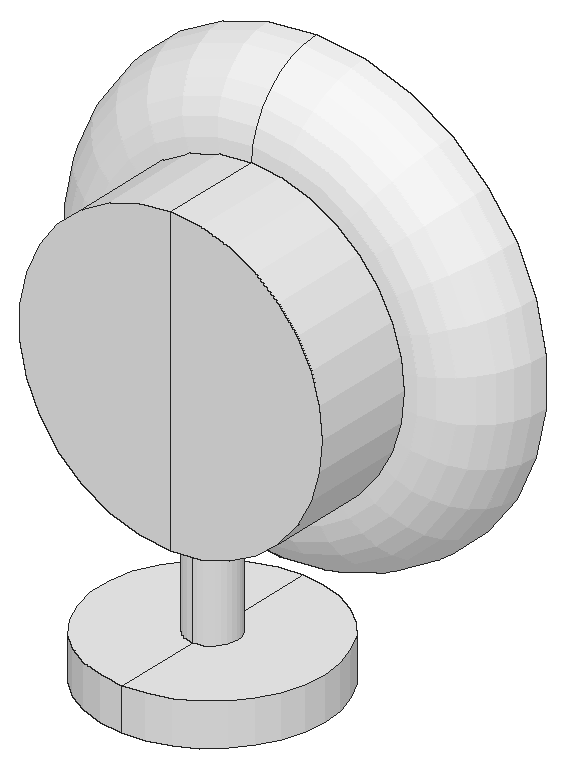
Revit family "Soap_Dish-Grohe-Essentials-40444_Seriesxxx", category Specialty Equipment, host Face, Revit 2014
Parameters (values of type "40444001")
  Width = 2 1/8"
  URL = "https://www.grohe.us"
  Type Comments = ""
  Product Page URL = "https://www.grohe.us/en_us/soap-dish-with-holder-40444001.html"
  Price = "Prices may vary. Please consult Manufacturer Representative for most up-to-date price list."  # constant formula
  Model = "40444001"
  Material = "Metal-Grohe-000-Chrome"
  Manufacturer = "Grohe"  # constant formula
  Length = 4 15/16"
  Installation Type = "Wall Mounted"  # constant formula
  Height = 2 5/16"
  Finish = Metal-Grohe-000-Chrome
  Description = "Essentials Soap Dish With Holder"  # constant formula
  Default Elevation = 43"  # constant formula
  Creation Date = "07/28/2017"  # constant formula
  Assembly Code = "C1030200"
Types (2): name | Product Page URL | Model | Material | Finish
  40444001 | "https://www.grohe.us/en_us/soap-dish-with-holder-40444001.html" | "40444001" | "Metal-Grohe-000-Chrome" | Metal-Grohe-000-Chrome
  40444EN1 | "https://www.grohe.us/en_us/soap-dish-with-holder-40444EN1.html" | "40444EN1" | "Metal-Grohe-EN0-Brushed Nickel" | Metal-Grohe-EN0-Brushed Nickel
Reference planes (in)
  plane 1 "Center (Front/Back)": y = 0
  plane 2: z = 0
  plane 3 "Center (Left/Right)": x = 0
  plane 4: z = 4.9375
  plane 5: y = -1.07356
  plane 6: y = 1.23894
  plane 7: y = 1.05144
  plane 8: z = 2.74025
Forms (in)
  Revolve 1, solid, material "Metal-Grohe-000-Chrome"
    sketch origin (0, 0, 0) x (0, 1, 0) y (0, 0, 1)
      loop
        line (0, 0) -> (0, 0.40397) -> (-1.07356, 0.40397) -> (-1.07356, 0) -> (0, 0)
      axis (0, 0) -> (0, 0.40397)
    angle from 0 to 360
  Revolve 2, solid, material "Metal-Grohe-000-Chrome"
    sketch origin (0, 0, 0) x (0, 1, 0) y (0, 0, 1)
      loop
        line (0, 1.8656) -> (-0.23616, 1.8656) -> (-0.23616, 0.27041) -> (0, 0.27041) -> (0, 1.8656)
      axis (0, 1.8656) -> (0, 0.27041)
    angle from 0 to 360
  Revolve 3, solid, material "Metal-Grohe-000-Chrome"
    sketch origin (0, 0, 0) x (0, 1, 0) y (0, 0, 1)
      loop
        line (0.46651, 2.74025) -> (0.46651, 4.18662) -> (-0.49129, 4.18662) -> (-0.49129, 2.74025) -> (0.46651, 2.74025)
      axis (-0.49129, 2.74025) -> (0.46651, 2.74025)
    angle from 0 to 360
  Revolve 4, solid, material "Plastic-Grohe-Clear"
    sketch origin (0, 0, 0) x (0, 1, 0) y (0, 0, 1)
      loop
        arc (1.23894, 4.9375) -> (0.69275, 4.71126) -> (0.46651, 4.16507) r 0.77243
        line (0.46651, 4.16507) -> (0.46651, 2.74025) -> (0.59151, 2.74025) -> (0.59151, 4.16507)
        arc (0.59151, 4.16507) -> (0.78114, 4.62287) -> (1.23894, 4.8125) r 0.64743
        line (1.23894, 4.8125) -> (1.23894, 4.9375)
      axis (0.46651, 2.74025) -> (1.23894, 2.74025)
    angle from 0 to 360
  Extrusion 5, solid, material "Plastic-Grohe-Clear"
    sketch origin (0, 0, 0) x (1, 0, 0) y (0, 0, 1)
      loop
        arc (0.06754, 4.08833) -> (0, 4.15587) -> (-0.06754, 4.08833) r 0.06754
        line (-0.06754, 4.08833) -> (-0.06754, 3.1539)
        arc (-0.06754, 3.1539) -> (0, 3.08636) -> (0.06754, 3.1539) r 0.06754
        line (0.06754, 3.1539) -> (0.06754, 4.08833)
      loop
        line (0.06754, 1.39217) -> (0.06754, 2.3266)
        arc (0.06754, 2.3266) -> (0, 2.39414) -> (-0.06754, 2.3266) r 0.06754
        line (-0.06754, 2.3266) -> (-0.06754, 1.39217)
        arc (-0.06754, 1.39217) -> (0, 1.32463) -> (0.06754, 1.39217) r 0.06754
      loop
        arc (-1.34808, 2.80779) -> (-1.41562, 2.74025) -> (-1.34808, 2.67271) r 0.06754
        line (-1.34808, 2.67271) -> (-0.41365, 2.67271)
        arc (-0.41365, 2.67271) -> (-0.34611, 2.74025) -> (-0.41365, 2.80779) r 0.06754
        line (-0.41365, 2.80779) -> (-1.34808, 2.80779)
      loop
        line (1.34808, 2.80779) -> (0.41365, 2.80779)
        arc (0.41365, 2.80779) -> (0.34611, 2.74025) -> (0.41365, 2.67271) r 0.06754
        line (0.41365, 2.67271) -> (1.34808, 2.67271)
        arc (1.34808, 2.67271) -> (1.41562, 2.74025) -> (1.34808, 2.80779) r 0.06754
      loop
        arc (-1.00099, 1.83477) -> (-1.00099, 1.73926) -> (-0.90548, 1.73926) r 0.06754
        line (-0.90548, 1.73926) -> (-0.24474, 2.4)
        arc (-0.24474, 2.4) -> (-0.24474, 2.49551) -> (-0.34025, 2.49551) r 0.06754
        line (-0.34025, 2.49551) -> (-1.00099, 1.83477)
      loop
        line (0.90548, 3.74124) -> (0.24474, 3.0805)
        arc (0.24474, 3.0805) -> (0.24474, 2.98499) -> (0.34025, 2.98499) r 0.06754
        line (0.34025, 2.98499) -> (1.00099, 3.64573)
        arc (1.00099, 3.64573) -> (1.00099, 3.74124) -> (0.90548, 3.74124) r 0.06754
      loop
        arc (-0.90548, 3.74124) -> (-1.00099, 3.74124) -> (-1.00099, 3.64573) r 0.06754
        line (-1.00099, 3.64573) -> (-0.34025, 2.98499)
        arc (-0.34025, 2.98499) -> (-0.24474, 2.98499) -> (-0.24474, 3.0805) r 0.06754
        line (-0.24474, 3.0805) -> (-0.90548, 3.74124)
      loop
        line (1.00099, 1.83477) -> (0.34025, 2.49551)
        arc (0.34025, 2.49551) -> (0.24474, 2.49551) -> (0.24474, 2.4) r 0.06754
        line (0.24474, 2.4) -> (0.90548, 1.73926)
        arc (0.90548, 1.73926) -> (1.00099, 1.73926) -> (1.00099, 1.83477) r 0.06754
    from -0.51737 to -0.60853
Cuts and joins
  joined: Revolve 1, Revolve 2, Revolve 3
  joined: Revolve 4, Extrusion 5
Lines and regions (in)
  Masking region 1
    outline origin (0, 0, 0) x (1, 0, 0) y (0, 0, 1)
      loop
        line (-0.23507, 0.55561) -> (-0.23507, 0.40397) -> (-1.07356, 0.40397) -> (-1.07356, 0) -> (1.07356, 0) -> (1.07356, 0.40397) -> (0.23507, 0.40397) -> (0.23507, 0.55561)
        arc (0.23507, 0.55561) -> (0, 4.9375) -> (-0.23507, 0.55561) r 2.19725
  symbolic lines, detail levels medium+fine
    curve 1: circle (0, 0, 2.74025) r 2.07225 normal (0, -1, 0)
    curve 2: line (-0.23616, 0, 0.40397) -> (0.23616, 0, 0.40397)
  symbolic lines, detail levels fine
    curve 3: line (0.06754, 0, 4.08833) -> (0.06754, 0, 3.1539)
    curve 4: arc (0.06754, 0, 3.1539) -> (0, 0, 3.08636) -> (-0.06754, 0, 3.1539) r 0.06754
    curve 5: line (-0.06754, 0, 3.1539) -> (-0.06754, 0, 4.08833)
    curve 6: arc (-0.06754, 0, 4.08833) -> (0, 0, 4.15587) -> (0.06754, 0, 4.08833) r 0.06754
    curve 7: line (-0.90548, 0, 3.74124) -> (-0.24474, 0, 3.0805)
    curve 8: arc (-0.24474, 0, 3.0805) -> (-0.24474, 0, 2.98499) -> (-0.34025, 0, 2.98499) r 0.06754
    curve 9: line (-0.34025, 0, 2.98499) -> (-1.00099, 0, 3.64573)
    curve 10: arc (-1.00099, 0, 3.64573) -> (-1.00099, 0, 3.74124) -> (-0.90548, 0, 3.74124) r 0.06754
    curve 11: line (-1.34808, 0, 2.80779) -> (-0.41365, 0, 2.80779)
    curve 12: arc (-0.41365, 0, 2.80779) -> (-0.34611, 0, 2.74025) -> (-0.41365, 0, 2.67271) r 0.06754
    curve 13: line (-0.41365, 0, 2.67271) -> (-1.34808, 0, 2.67271)
    curve 14: arc (-1.34808, 0, 2.67271) -> (-1.41562, 0, 2.74025) -> (-1.34808, 0, 2.80779) r 0.06754
    curve 15: line (-1.00099, 0, 1.83477) -> (-0.34025, 0, 2.49551)
    curve 16: arc (-0.34025, 0, 2.49551) -> (-0.24474, 0, 2.49551) -> (-0.24474, 0, 2.4) r 0.06754
    curve 17: line (-0.24474, 0, 2.4) -> (-0.90548, 0, 1.73926)
    curve 18: arc (-0.90548, 0, 1.73926) -> (-1.00099, 0, 1.73926) -> (-1.00099, 0, 1.83477) r 0.06754
    curve 19: line (-0.06754, 0, 1.39217) -> (-0.06754, 0, 2.3266)
    curve 20: arc (-0.06754, 0, 2.3266) -> (0, 0, 2.39414) -> (0.06754, 0, 2.3266) r 0.06754
    curve 21: line (0.06754, 0, 2.3266) -> (0.06754, 0, 1.39217)
    curve 22: arc (0.06754, 0, 1.39217) -> (0, 0, 1.32463) -> (-0.06754, 0, 1.39217) r 0.06754
    curve 23: line (0.90548, 0, 1.73926) -> (0.24474, 0, 2.4)
    curve 24: arc (0.24474, 0, 2.4) -> (0.24474, 0, 2.49551) -> (0.34025, 0, 2.49551) r 0.06754
    curve 25: line (0.34025, 0, 2.49551) -> (1.00099, 0, 1.83477)
    curve 26: arc (1.00099, 0, 1.83477) -> (1.00099, 0, 1.73926) -> (0.90548, 0, 1.73926) r 0.06754
    curve 27: line (1.34808, 0, 2.67271) -> (0.41365, 0, 2.67271)
    curve 28: arc (0.41365, 0, 2.67271) -> (0.34611, 0, 2.74025) -> (0.41365, 0, 2.80779) r 0.06754
    curve 29: line (0.41365, 0, 2.80779) -> (1.34808, 0, 2.80779)
    curve 30: arc (1.34808, 0, 2.80779) -> (1.41562, 0, 2.74025) -> (1.34808, 0, 2.67271) r 0.06754
    curve 31: line (1.00099, 0, 3.64573) -> (0.34025, 0, 2.98499)
    curve 32: arc (0.34025, 0, 2.98499) -> (0.24474, 0, 2.98499) -> (0.24474, 0, 3.0805) r 0.06754
    curve 33: line (0.24474, 0, 3.0805) -> (0.90548, 0, 3.74124)
    curve 34: arc (0.90548, 0, 3.74124) -> (1.00099, 0, 3.74124) -> (1.00099, 0, 3.64573) r 0.06754
Dimensions and locks (in)
  aligned and locked: plane 2 to host face
  aligned and locked: level to host face
